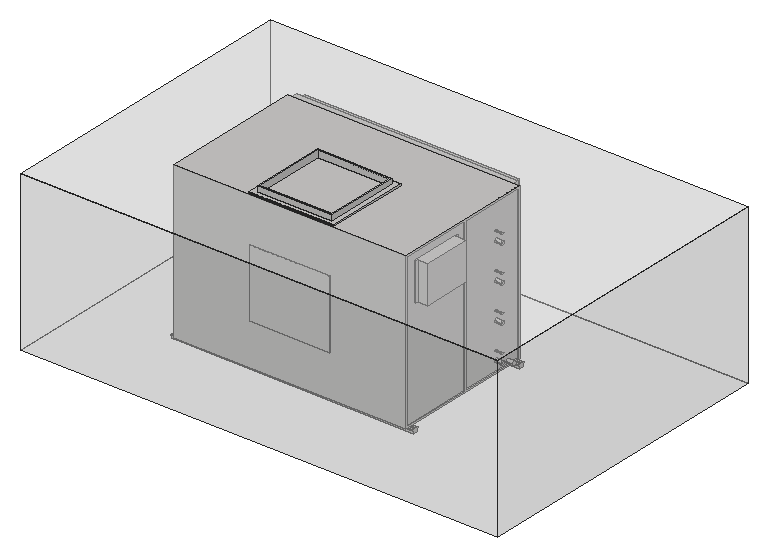
Revit family "outputfile", category 機械設備, Revit 2024
Family settings
  丸型コネクタ寸法 = 半径を使用
  パーツ タイプ = 標準
  OmniClass 番号 = 23.75.10.24.21.27.27
  OmniClass タイトル = Split System Air Conditioning Units
  作業面ベース = いいえ
  常に垂直 = はい
  ロード時にボイドで切り取り = いいえ
  注釈の向きを維持 = いいえ
  共有 = いいえ
  部屋計算ポイント = はい
Parameters (values of type "4FGN500HTL")
  Description = ""
  書き出し IFC クラス(タイプ) = "IfcUnitaryEquipmentType"
  定義済み IFC タイプ(タイプ) = "AIRCONDITIONINGUNIT"
  Cost = 0
  Type Comments = ""
  Keynote = ""
  Type Image = (empty or 0)
  Assembly Code = ""
  switch_frequency = yes
  lw_power = 1126.5 mm
  lw_frontpanel = 754 mm
  lw_box_front = 1067 mm
  lw_box = 117 mm
  lw_SA = 0 mm
  lw_RA = 1057 mm
  lw_Pipe = if([400-500], 20 mm, 0 mm)  # 20 mm
  lh_liquidpipe_4 = 216 mm
  lh_liquidpipe_3 = 552 mm
  lh_liquidpipe_2 = 888 mm
  lh_height_SA = 698 mm
  lh_ld_mountinghole_height = 35 mm
  lh_height_RA = 1326 mm
  lh_hangerfixture = 35 mm
  lh_gaspipe_4 = 136 mm
  lh_gaspipe_3 = 472 mm
  lh_gaspipe_2 = 808 mm
  lh_frontpanel_bottom = 429 mm
  lh_frontpanel = 642 mm
  lh_box_top = 90 mm
  lh_box = 351 mm
  lh_SA = 1546 mm
  lh_RA = 788 mm
  ld_void = 680 mm
  ld_frontpanel = 0 mm
  ld_depth_SA = 409 mm
  ld_depth_RA = 130 mm
  ld_box_left = 114 mm
  ld_box = 490 mm
  frontpanel_right = 377 mm
  connector_voltage = Voltage_60Hz  # 220 V
  connector_powerinput = [Power Input (Cooling)]  # 53.690 kW
  connector_phase = Phase_60Hz  # 3
  製造元 = "Daikin"
  モデル = "4FGN500HTL"
  w_pipe = 33 mm
  r_Liquid Pipe Size = Liquid Pipe Size / 2  # 6.35 mm
  r_Gas Pipe Size = Gas Pipe Size / 2  # 14.3 mm
  r_Drain Pipe Size = Drain Pipe Size / 2  # 17.0 mm
  lw_powersupply = lw_power  # 1126.5 mm
  lw_width_RA = 2004 mm
  lw_width_SA = 694 mm
  lh_suctionflange [instance] = 100 mm
  ld_suctionflange [instance] = 190 mm
  ld_powersupply = 359 mm
  Voltage_comment_60Hz = "220"
  Voltage_60Hz = 220 V
  URL = ""
  Sound Power Level_H speed (dB) = 0
  Phase_60Hz = 3
  Minimum External Static Pressure = 0.00 Pa
  Minimum Circuit Amps_60Hz = 0.0 A
  Maximum Fuse Amps_60Hz = 0.0 A
  Maximum External Static Pressure = 250.00 Pa
  Material_Casing = DAIKIN_GalvanizedSteel_Casing_indoorunit
  lw_liquidpipe = 1137 mm
  lw_gaspipe = 1137 mm
  lw_mountinghole_pitch = 2234 mm
  lw_mountinghole = 2274 mm
  lw_drainpipe = 1137 mm
  lh_powersupply = 1045 mm
  lh_liquidpipe = 1224 mm
  lh_gaspipe = 1144 mm
  lh_mountinghole = 5 mm
  lh_drainpipe = 73 mm
  lh_antena = Height - lh_mountinghole + 1 mm  # 1482 mm
  ld_liquidpipe = 404 mm
  ld_gaspipe = 404 mm
  ld_mountinghole_pitch = 1240 mm
  ld_drainpipe = 539 mm
  ld_controlbox = 626 mm
  h*** = 0 mm  # constant formula
  d_dischargeflange = 60 mm
  Width = 2174 mm
  Version = "ver.1.0"
  Unit Type = "Duct"
  Unit Mass Weight = 580.00 kg
  Unit Designation [instance] = ""
  Uniclass2015Version = "Products v1.30"
  Uniclass2015Title = "Split coil room air conditioning units"
  Uniclass2015Code = "Pr_70_65_03_86"
  Total Cooling Capacity [instance] = 0.000 kW
  Sound Pressure Level_M speed (dBA) = 0
  Sound Pressure Level_L speed (dBA) = 0
  Sound Pressure Level_H speed (dBA) = 68
  Series = "Package Aircon_Fan Coil Unit"
  Sensible Cooling Capacity [instance] = 0.000 kW
  SA Duct Size Width = 694 mm
  SA Duct Size Height = 698 mm
  Refrigerant Type = "R410A"
  RA Duct Size Width = 2004 mm
  RA Duct Size Height = 1326 mm
  Power Input (Cooling) = 53.690 kW
  Option Accessory 3 [instance] = ""
  Option Accessory 2 [instance] = ""
  Option Accessory 1 [instance] = ""
  Nominal Cooling Capacity = 141.852 kW
  Minimum Airflow = 0.00 m³/h
  Median Airflow = 0.00 m³/h
  Maximum Airflow = 25485.00 m³/h
  Load Classification = HVAC
  Liquid Pipe Size = 12.7 mm
  Link_Nested Family [instance] = ""
  IfcVersion = ""
  IfcExportType = "AIRCONDITIONINGUNIT"
  IfcExportAs = "IfcUnitaryEquipmentType"
  Height = 1486 mm
  Heat Exchanger Type = "Cross Fin Coil"
  Gas Pipe Size = 28.6 mm
  Frequency_60Hz = 60 Hz
  Fan Type = "Sirocco Fan"
  Fan Drive = "-"
  FCU Tag No. [instance] = ""
  Drain Pipe Size = 34.0 mm
  Design Supply Airflow [instance] = 0.00 m³/h
  Design Return Airflow [instance] = 0.00 m³/h
  Design External Static Pressure [instance] = 0.00 Pa
  Depth = 1336 mm
  既定の高さ = 0 mm
  Cooling Entering Wet Bulb Temperature [instance] = 0.00 °C
  Cooling Entering Dry Bulb Temperature [instance] = 0.00 °C
  Cooling Ambient Wet Bulb Temperature [instance] = 0.00 °C
  Cooling Ambient Dry Bulb Temperature [instance] = 0.00 °C
  Clearance visibility [instance] = yes
  Clearance Top = 0 mm
  Clearance Right = 1500 mm
  Clearance Rear = 800 mm
  Clearance Left = 800 mm
  Clearance Front = 800 mm
  Clearance Bottom = 0 mm
  600 = no
  400-500 = yes
Reference planes
  plane 1 "Center (Front/Back)": y = 0
  plane 2: z = 0
  plane 3 "Center (Left/Right)": x = 0
  plane 4 "Back": y = 668
  plane 5 "Front": y = -668
  plane 6 "Left": x = -1087
  plane 7 "Right": x = 1087
  plane 8 "Top": z = 0
  plane 9 "Bottom": z = -1486
  plane 10: z = -262
  plane 11: z = -342
  plane 12: x = -1117
  plane 13: x = 1117
  plane 14: x = 1137
  plane 15: x = 1137
  plane 16: z = -1481
  plane 17 "Clearance Left": x = -1887
  plane 18 "Clearance Right": x = 2587
  plane 19 "Clearance Rear": y = 1468
  plane 20 "Clearance Front": y = -1468
  plane 21 "Clearance Bottom": z = -1486
  plane 22: z = -1413
  plane 23 "ld_gas": y = 404
  plane 24: y = 404
  plane 25: y = -30
  plane 26: y = 539
  plane 27: y = 478
  plane 28: x = 1137
  plane 29: y = 620
  plane 30: y = -620
  plane 31: y = -259
  plane 32: y = 798
  plane 33 "Clearance Top": z = 0
  plane 34: z = -441
  plane 35: y = -309
  plane 36 "hangerfixture": z = -1451
  plane 37 "lh_SA": z = 60
  plane 38 "lh_RA": z = -698
  plane 39 "RA_center": x = -30
  plane 40: y = -658
  plane 41: y = 22
  plane 42: y = 658
  plane 43: z = -10
  plane 44: z = -1441
  plane 45: y = 32
  plane 46: y = -658
  plane 47: y = 22
  plane 48: y = 658
  plane 49: z = -10
  plane 50: z = -1441
  plane 51: y = 32
  plane 52: x = 1087
  plane 53: x = 1184
  plane 54: y = -554
  plane 55: y = -534
  plane 56: y = -84
  plane 57: y = -64
  plane 58 "box_bottom": z = -441
  plane 59 "box_top": z = -90
  plane 60: x = -377
  plane 61: x = 377
  plane 62: y = -668
  plane 63: y = -669
  plane 64 "lw_power": x = 1126.5
  plane 65: z = -598
  plane 66: z = -678
  plane 67: z = -934
  plane 68: z = -1014
  plane 69: x = 1067
  plane 70: x = -1067
  plane 71: z = -1057
  plane 72: z = -415
  plane 73: z = -1270
  plane 74: z = -1350
  plane 75: x = 1067
  plane 76 "v": x = 0
  plane 77: x = 1067
  plane 78: x = 1088
Forms (mm)
  Extrusion 1, solid, material "DAIKIN_GalvanizedSteel_Casing_indoorunit" <- "Material_Casing"
    sketch origin (0, -0.8, 0) x (1, 0, 0) y (0, 1, 0)
      loop
        line (-1087, -667.2) -> (1087, -667.2) -> (1087, 668.8) -> (-1087, 668.8) -> (-1087, -667.2)
    from -1451 to 0
  Revolve 2, solid, material "DAIKIN_GalvanizedSteel_Casing_indoorunit" <- "Material_Casing"
    sketch origin (0, 0, -342) x (0, -1, 0) y (1, 0, 0)
      loop
        line (-389.7, 1067) -> (-389.7, 1137) -> (-404, 1137) -> (-404, 1067) -> (-389.7, 1067)
      axis (-404, 1067) -> (-404, 1137)
    angle from 0 to 360
  Revolve 3, solid, material "DAIKIN_GalvanizedSteel_Casing_indoorunit" <- "Material_Casing"
    sketch origin (0, 0, -262) x (0, -1, 0) y (1, 0, 0)
      loop
        line (-404, 1067) -> (-404, 1137) -> (-410.35, 1137) -> (-410.35, 1067) -> (-404, 1067)
      axis (-404, 1137) -> (-404, 1067)
    angle from 0 to 360
  Extrusion 4, solid, material "DAIKIN_GalvanizedSteel_Casing_indoorunit" <- "Material_Casing"
    sketch origin (0, 0, 0) x (0, 1, 0) y (0, 0, 1)
      loop
        circle (539, -1413) r 17
    from 1137 to 1067
  Extrusion 5, void
    sketch origin (1087, 0, 0) x (0, 1, 0) y (0, 0, 1)
      loop
        line (-658, -10) -> (-658, -1441) -> (22, -1441) -> (22, -10) -> (-658, -10)
      loop
        line (658, -10) -> (32, -10) -> (32, -1441) -> (658, -1441) -> (658, -10)
    from 0 to -20
  Extrusion 6, void
    sketch origin (-1087, 0, 0) x (0, 1, 0) y (0, 0, 1)
      loop
        line (-658, -10) -> (-658, -1441) -> (22, -1441) -> (22, -10) -> (-658, -10)
      loop
        line (658, -10) -> (32, -10) -> (32, -1441) -> (658, -1441) -> (658, -10)
    from 0 to 20
  Extrusion 7, solid, material "DAIKIN_GalvanizedSteel_Casing_indoorunit" <- "Material_Casing"
    sketch origin (0, 0, 0) x (1, 0, 0) y (0, 1, 0)
      loop
        line (1067, -554) -> (1087, -554) -> (1087, -534) -> (1184, -534) -> (1184, -84) -> (1087, -84) -> (1087, -64) -> (1067, -64) -> (1067, -554)
    from -441 to -90
  Extrusion 8, solid, material "DAIKIN_GalvanizedSteel_Casing_indoorunit" <- "Material_Casing"
    sketch origin (0, 0, -1486) x (-1, 0, 0) y (0, -1, 0)
      loop
        line (377, 669) -> (-377, 669) -> (-377, 668) -> (377, 668) -> (377, 669)
    from 429 to 1071
  Revolve 9, solid, material "DAIKIN_GalvanizedSteel_Casing_indoorunit" <- "Material_Casing"
    sketch origin (0, 0, -678) x (0, -1, 0) y (1, 0, 0)
      loop
        line (-389.7, 1067) -> (-389.7, 1137) -> (-404, 1137) -> (-404, 1067) -> (-389.7, 1067)
      axis (-404, 1067) -> (-404, 1137)
    angle from 0 to 360
  Revolve 10, solid, material "DAIKIN_GalvanizedSteel_Casing_indoorunit" <- "Material_Casing"
    sketch origin (0, 0, -598) x (0, -1, 0) y (1, 0, 0)
      loop
        line (-404, 1067) -> (-404, 1137) -> (-410.35, 1137) -> (-410.35, 1067) -> (-404, 1067)
      axis (-404, 1137) -> (-404, 1067)
    angle from 0 to 360
  Revolve 11, solid, material "DAIKIN_GalvanizedSteel_Casing_indoorunit" <- "Material_Casing"
    sketch origin (0, 0, -1014) x (0, -1, 0) y (1, 0, 0)
      loop
        line (-389.7, 1067) -> (-389.7, 1137) -> (-404, 1137) -> (-404, 1067) -> (-389.7, 1067)
      axis (-404, 1067) -> (-404, 1137)
    angle from 0 to 360
  Revolve 12, solid, material "DAIKIN_GalvanizedSteel_Casing_indoorunit" <- "Material_Casing"
    sketch origin (0, 0, -934) x (0, -1, 0) y (1, 0, 0)
      loop
        line (-404, 1067) -> (-404, 1137) -> (-410.35, 1137) -> (-410.35, 1067) -> (-404, 1067)
      axis (-404, 1137) -> (-404, 1067)
    angle from 0 to 360
  Revolve 13, solid, material "DAIKIN_GalvanizedSteel_Casing_indoorunit" <- "Material_Casing"
    sketch origin (0, 0, -1350) x (0, -1, 0) y (1, 0, 0)
      loop
        line (-389.7, 1067) -> (-389.7, 1137) -> (-404, 1137) -> (-404, 1067) -> (-389.7, 1067)
      axis (-404, 1067) -> (-404, 1137)
    angle from 0 to 360
  Revolve 14, solid, material "DAIKIN_GalvanizedSteel_Casing_indoorunit" <- "Material_Casing"
    sketch origin (0, 25, -1270) x (0, -1, 0) y (1, 0, 0)
      loop
        line (-379, 1067) -> (-379, 1137) -> (-385.35, 1137) -> (-385.35, 1067) -> (-379, 1067)
      axis (-379, 1137) -> (-379, 1067)
    angle from 0 to 360
  Extrusion 15, solid, material "DAIKIN_GalvanizedSteel_Casing_indoorunit" <- "Material_Casing", visible <- "600"
    sketch origin (0, 0, 0) x (0, 1, 0) y (0, 0, 1)
      loop
        line (18, -1431) -> (18, -20) -> (-2, -20) -> (-2, -1431) -> (18, -1431)
    from 1087 to 1088
  Extrusion 16, solid, material "DAIKIN_GalvanizedSteel_Casing_indoorunit" <- "Material_Casing", visible <- "600"
    sketch origin (0, 0, 0) x (0, 1, 0) y (0, 0, 1)
      loop
        line (-643, -600) -> (-25, -600) -> (-25, -577.7) -> (-643, -577.7) -> (-643, -600)
    from 1087 to 1088
Cuts and joins
  Extrusion 5, Extrusion 6 cuts Extrusion 1
  Extrusion 6 cuts Revolve 2
  Extrusion 6 cuts Revolve 3
  Extrusion 6 cuts Extrusion 4
Dimensions and locks
  equal spacing: plane 12, plane 3 "Center (Left/Right)", plane 13
  "lw_mountinghole_pitch": plane 12 to plane 13
  "lh_liquidpipe": plane 10 to plane 9 "Bottom"
  "lh_gaspipe": plane 11 to plane 9 "Bottom"
  equal spacing: plane 6 "Left", plane 3 "Center (Left/Right)", plane 7 "Right"
  "Width": plane 6 "Left" to plane 7 "Right"
  "Clearance Right": plane 7 "Right" to plane 18 "Clearance Right"
  "Clearance Left": plane 17 "Clearance Left" to plane 6 "Left"
  "Clearance Rear": plane 19 "Clearance Rear" to plane 4 "Back"
  "Clearance Front": plane 5 "Front" to plane 20 "Clearance Front"
  "Depth": plane 4 "Back" to plane 5 "Front"
  equal spacing: plane 4 "Back", plane 1 "Center (Front/Back)", plane 5 "Front"
  "ld_suctionflange": plane 4 "Back" to plane 27
  "r_Liquid Pipe Size": nested 5 to Revolve 3 sketch curve
  equal spacing: plane 29, plane 1 "Center (Front/Back)", plane 30
  "ld_mountinghole_pitch": plane 29 to plane 30
  "lw_liquidpipe": plane 3 "Center (Left/Right)" to plane 14
  "lw_gaspipe": plane 3 "Center (Left/Right)" to plane 15
  "lw_drainpipe": plane 3 "Center (Left/Right)" to plane 28
  "lh_drainpipe": plane 22 to plane 9 "Bottom"
  "Clearance Top": plane 33 "Clearance Top" to plane 8 "Top"
  "Clearance Bottom": plane 9 "Bottom" to plane 21 "Clearance Bottom"
  "lh_powersupply": plane 34 to plane 9 "Bottom"
  plane 8 "Top" to level = 0 mm
  "lh_hangerfixture": plane 36 "hangerfixture" to plane 9 "Bottom"
  "lh_SA": plane 37 "lh_SA" to plane 9 "Bottom"
  "ld_depth_RA": plane 32 to plane 4 "Back"
  "lh_RA": plane 38 "lh_RA" to plane 9 "Bottom"
  "lw_RA": plane 6 "Left" to plane 39 "RA_center"
  locked: plane 36 "hangerfixture" to plane 44 at 10
  plane 5 "Front" to plane 40 = 10 mm
  locked: plane 8 "Top" to plane 43 at 10
  plane 42 to plane 4 "Back" = 10 mm
  "ld_void": plane 40 to plane 41
  "ld_void": plane 46 to plane 47
  plane 5 "Front" to plane 46 = 10 mm
  plane 48 to plane 4 "Back" = 10 mm
  locked: plane 8 "Top" to plane 49 at 10
  locked: plane 50 to plane 36 "hangerfixture" at 10
  "ld_box_left": plane 54 to plane 5 "Front"
  "ld_box": plane 57 to plane 54
  locked: plane 55 to plane 54 at 20
  locked: plane 57 to plane 56 at 20
  locked: plane 75 to plane 52 at 20
  "lh_box_top": plane 8 "Top" to plane 59 "box_top"
  "lh_box": plane 59 "box_top" to plane 58 "box_bottom"
  "lw_power": plane 3 "Center (Left/Right)" to plane 64 "lw_power"
  "lh_gaspipe_2": plane 66 to plane 9 "Bottom"
  "lh_liquidpipe_2": plane 65 to plane 9 "Bottom"
  "ld_drainpipe": plane 26 to plane 1 "Center (Front/Back)"
  "ld_gaspipe": plane 23 "ld_gas" to plane 1 "Center (Front/Back)"
  "r_Gas Pipe Size": plane 23 "ld_gas" to Revolve 9 sketch curve
  "r_Gas Pipe Size": plane 23 "ld_gas" to Revolve 2 sketch curve
  "r_Liquid Pipe Size": Revolve 10 sketch curve to plane 24
  "ld_liquidpipe": plane 24 to plane 1 "Center (Front/Back)"
  "ld_depth_SA": plane 31 to plane 5 "Front"
  "Height": plane 8 "Top" to plane 9 "Bottom"
  "lh_mountinghole": plane 16 to plane 9 "Bottom"
  "lh_gaspipe_3": plane 68 to plane 9 "Bottom"
  "lh_liquidpipe_3": plane 67 to plane 9 "Bottom"
  "lw_box": plane 75 to plane 53
  "lw_Pipe": plane 69 to plane 7 "Right"
  locked: plane 6 "Left" to plane 70 at 20
  "lh_frontpanel_bottom": plane 71 to plane 9 "Bottom"
  "lh_frontpanel": plane 72 to plane 71
  "r_Gas Pipe Size": plane 24 to Revolve 11 sketch curve
  "r_Liquid Pipe Size": Revolve 12 sketch curve to plane 24
  "lw_frontpanel": plane 60 to plane 61
  plane 5 "Front" to plane 63 = 1 mm
  "ld_frontpanel": plane 5 "Front" to plane 62
  locked: plane 41 to plane 45 at 10
  locked: plane 47 to plane 51 at 10
  "lh_gaspipe_4": plane 74 to plane 9 "Bottom"
  "lh_liquidpipe_4": plane 73 to plane 9 "Bottom"
  "r_Gas Pipe Size": Revolve 13 sketch curve to nested 15
  "r_Liquid Pipe Size": nested 5 to Revolve 14 sketch curve
  "lw_box_front": plane 3 "Center (Left/Right)" to plane 75
  "lw_SA": plane 76 "v" to plane 3 "Center (Left/Right)"
  locked: plane 77 to plane 7 "Right" at 20
  "ld_powersupply": plane 35 to plane 5 "Front"
  plane 60 to plane 3 "Center (Left/Right)" = 377 mm
  "frontpanel_right": plane 3 "Center (Left/Right)" to plane 61
  locked: plane 8 "Top" to Extrusion 15 sketch curve at 20
  locked: Extrusion 15 sketch curve to plane 9 "Bottom" at 55
  Extrusion 15 sketch curve to plane 1 "Center (Front/Back)" to Extrusion 15 sketch curve = 2 mm locked, 18 mm locked
  locked: plane 7 "Right" to plane 78 at 1
  locked: Extrusion 16 sketch curve to plane 1 "Center (Front/Back)" at 25
  locked: plane 5 "Front" to Extrusion 16 sketch curve at 25
  locked: Extrusion 16 sketch curve to Extrusion 16 sketch curve at 22.3
  locked: plane 9 "Bottom" to Extrusion 16 sketch curve at 886
  "r_Drain Pipe Size": radius of Extrusion 4 sketch curve
  aligned and locked: level to plane 2
  aligned and locked: plane 8 "Top" to Extrusion 1
  aligned and locked: Revolve 2 sketch curve to Revolve 2 sketch curve
  aligned and locked: plane 14 to nested 5
  aligned and locked: nested 5 to plane 10
  aligned and locked: nested 2 to plane 13
  aligned and locked: nested 3 to plane 12
  aligned and locked: plane 12 to nested 4
  aligned and locked: nested 6 to plane 11
  aligned and locked: plane 23 "ld_gas" to nested 6
  aligned and locked: plane 24 to nested 5
  aligned and locked: Extrusion 4 sketch curve to plane 26
  aligned and locked: nested 10 to plane 19 "Clearance Rear"
  aligned and locked: nested 10 to plane 18 "Clearance Right"
  aligned and locked: nested 10 to plane 17 "Clearance Left"
  aligned and locked: nested 10 to plane 20 "Clearance Front"
  aligned and locked: plane 28 to Extrusion 4
  aligned and locked: plane 15 to nested 6  (x2)
  aligned and locked: plane 13 to nested 1
  aligned and locked: plane 26 to nested 7
  aligned and locked: nested 7 to plane 22
  aligned and locked: nested 7 to plane 28
  aligned and locked: plane 29 to nested 1
  aligned and locked: plane 30 to nested 2
  aligned and locked: nested 4 to plane 29
  aligned and locked: nested 3 to plane 30
  aligned and locked: nested 9 to plane 4 "Back"
  aligned and locked: plane 32 to nested 13
  aligned and locked: nested 10 to plane 33 "Clearance Top"
  aligned and locked: nested 10 to plane 21 "Clearance Bottom"
  aligned and locked: nested 11 to plane 9 "Bottom"
  aligned and locked: plane 36 "hangerfixture" to Extrusion 1
  aligned and locked: Extrusion 1 to plane 5 "Front"
  aligned and locked: Extrusion 1 to plane 4 "Back"
  aligned and locked: plane 38 "lh_RA" to nested 9
  aligned and locked: nested 13 to plane 38 "lh_RA"
  aligned and locked: plane 39 "RA_center" to nested 9
  aligned and locked: nested 13 to plane 39 "RA_center"
  aligned and locked: Extrusion 5 sketch curve to plane 43
  aligned and locked: Extrusion 5 sketch curve to plane 40
  aligned and locked: plane 44 to Extrusion 5 sketch curve
  aligned and locked: Extrusion 5 sketch curve to plane 41
  aligned and locked: plane 43 to Extrusion 5 sketch curve
  aligned and locked: Extrusion 5 sketch curve to plane 42
  aligned and locked: Extrusion 5 sketch curve to plane 44
  aligned and locked: Extrusion 5 sketch curve to plane 45
  aligned and locked: Extrusion 6 sketch curve to plane 49
  aligned and locked: Extrusion 6 sketch curve to plane 46
  aligned and locked: plane 50 to Extrusion 6 sketch curve
  aligned and locked: Extrusion 6 sketch curve to plane 47
  aligned and locked: plane 49 to Extrusion 6 sketch curve
  aligned and locked: Extrusion 6 sketch curve to plane 48
  aligned and locked: Extrusion 6 sketch curve to plane 50
  aligned and locked: Extrusion 6 sketch curve to plane 51
  aligned and locked: plane 57 to Extrusion 7 sketch curve
  aligned and locked: plane 53 to Extrusion 7 sketch curve
  aligned and locked: Extrusion 7 sketch curve to plane 54
  aligned and locked: plane 59 "box_top" to Extrusion 7
  aligned and locked: Extrusion 7 to plane 58 "box_bottom"
  aligned and locked: Extrusion 8 sketch curve to plane 63
  aligned and locked: Extrusion 8 sketch curve to plane 60
  aligned and locked: plane 62 to Extrusion 8 sketch curve
  aligned and locked: plane 61 to Extrusion 8 sketch curve
  aligned and locked: Revolve 9 sketch curve to Revolve 9 sketch curve
  aligned and locked: nested 15 to plane 65
  aligned and locked: nested 16 to plane 66
  aligned and locked: plane 14 to Revolve 10
  aligned and locked: nested 15 to plane 14
  aligned and locked: plane 15 to cut or joined group of Revolve 2, Extrusion 6  (x3)
  aligned and locked: cut or joined group of Revolve 2, Extrusion 6 to plane 15
  aligned and locked: nested 14 to plane 35
  aligned and locked: Revolve 2 sketch curve to plane 23 "ld_gas"
  aligned and locked: plane 23 "ld_gas" to nested 16
  aligned and locked: plane 24 to nested 15
  aligned and locked: plane 37 "lh_SA" to nested 12
  aligned and locked: plane 37 "lh_SA" to nested 8
  aligned and locked: plane 31 to nested 12
  aligned and locked: plane 31 to nested 8
  aligned and locked: plane 52 to Extrusion 7 sketch curve
  aligned and locked: Extrusion 7 sketch curve to plane 55
  aligned and locked: Extrusion 7 sketch curve to plane 56
  aligned and locked: Extrusion 7 sketch curve to plane 52
  aligned and locked: nested 14 to plane 64 "lw_power"
  aligned and locked: nested 14 to plane 34
  aligned and locked: Revolve 11 sketch curve to Revolve 11 sketch curve
  aligned and locked: nested 17 to plane 67
  aligned and locked: nested 18 to plane 68
  aligned and locked: plane 24 to nested 17
  aligned and locked: plane 23 "ld_gas" to nested 18
  aligned and locked: Extrusion 8 to plane 71
  aligned and locked: plane 72 to Extrusion 8
  aligned and locked: Revolve 13 sketch curve to Revolve 13 sketch curve
  aligned and locked: nested 19 to plane 73
  aligned and locked: nested 20 to plane 74
  aligned and locked: plane 69 to Revolve 14
  aligned and locked: Revolve 13 to plane 69
  aligned and locked: Revolve 14 sketch curve to nested 18
  aligned and locked: Revolve 14 sketch curve to nested 5
  aligned and locked: plane 24 to nested 19
  aligned and locked: plane 24 to nested 20
  aligned and locked: Extrusion 7 sketch curve to plane 75
  aligned and locked: plane 1 "Center (Front/Back)" to nested 21
  aligned and locked: plane 3 "Center (Left/Right)" to nested 21
  aligned and locked: nested 21 to plane 9 "Bottom"
  aligned and locked: plane 76 "v" to nested 12
  aligned and locked: nested 12 to nested 8
  aligned and locked: Extrusion 5 to plane 77
  aligned and locked: plane 69 to Revolve 11
  aligned and locked: cut or joined group of Revolve 3, Extrusion 6 to plane 69
  aligned and locked: plane 69 to cut or joined group of Revolve 2, Extrusion 6
  aligned and locked: plane 69 to Revolve 9
  aligned and locked: Revolve 12 to plane 69
  aligned and locked: Revolve 10 to plane 69
  aligned and locked: cut or joined group of Extrusion 4, Extrusion 6 to plane 69
  aligned and locked: Extrusion 15 to plane 7 "Right"
  aligned and locked: plane 78 to Extrusion 15
  aligned and locked: Extrusion 16 to plane 7 "Right"
  aligned and locked: Extrusion 16 to plane 78
Automatic sketch dimensions
  Extrusion 1 sketch curve to plane 4 "Back" = 0 mm
  Extrusion 1 sketch curve to plane 6 "Left" = 0 mm
  Extrusion 1 sketch curve to plane 5 "Front" = 0 mm
  Extrusion 1 sketch curve to plane 7 "Right" = 0 mm
  Revolve 3 sketch curve to plane 23 "ld_gas" = 0 mm  (x2)
  Revolve 3 sketch curve to plane 14 = 0 mm  (x2)
  plane 69 to Revolve 3 sketch curve = 0 mm
  plane 7 "Right" to Revolve 3 sketch curve = 15 mm
  Extrusion 4 sketch curve to plane 22 = 0 mm
  Revolve 10 sketch curve to plane 23 "ld_gas" = 0 mm  (x2)
  Revolve 10 sketch curve to plane 14 = 0 mm  (x2)
  plane 69 to Revolve 10 sketch curve = 0 mm
  plane 7 "Right" to Revolve 10 sketch curve = 15 mm
  Revolve 12 sketch curve to plane 23 "ld_gas" = 0 mm  (x2)
  Revolve 12 sketch curve to plane 14 = 0 mm  (x2)
  plane 69 to Revolve 12 sketch curve = 0 mm
  plane 7 "Right" to Revolve 12 sketch curve = 15 mm
  plane 69 to Revolve 14 sketch curve = 0 mm
  Revolve 14 sketch curve to plane 14 = 0 mm  (x2)
  plane 7 "Right" to Revolve 14 sketch curve = 15 mm
  Revolve 2 sketch curve to plane 69 = 0 mm
  Revolve 2 sketch curve to plane 14 = 0 mm
  plane 78 to Revolve 2 sketch curve = 1.003 mm
  plane 14 to Revolve 2 sketch curve = 1.003 mm
  Revolve 9 sketch curve to plane 23 "ld_gas" = 0 mm
  Revolve 9 sketch curve to plane 69 = 0 mm
  Revolve 9 sketch curve to plane 14 = 0 mm
  plane 78 to Revolve 9 sketch curve = 1.003 mm
  plane 14 to Revolve 9 sketch curve = 1.003 mm
  Revolve 11 sketch curve to plane 23 "ld_gas" = 0 mm
  Revolve 11 sketch curve to plane 69 = 0 mm
  Revolve 11 sketch curve to plane 14 = 0 mm
  plane 78 to Revolve 11 sketch curve = 1.003 mm
  plane 14 to Revolve 11 sketch curve = 1.003 mm
  Revolve 13 sketch curve to plane 23 "ld_gas" = 0 mm
  Revolve 13 sketch curve to plane 69 = 0 mm
  Revolve 13 sketch curve to plane 14 = 0 mm
  plane 78 to Revolve 13 sketch curve = 1.003 mm
  plane 14 to Revolve 13 sketch curve = 1.003 mm
Nested families
  nested 1: "daikin_mountinghole" at (1117, 620, -1486), Link_Nested Family <- "Link_Nested Family", h_mountinghole <- "lh_mountinghole", l_antenna <- "lh_antena", type "daikin_mountinghole"
    with show yes, l_antenna 1482 mm, h_mountinghole 5 mm, Link_Nested Family "", d_circle 23 mm
  nested 2: "daikin_mountinghole" at (1117, -620, -1486), Link_Nested Family <- "Link_Nested Family", h_mountinghole <- "lh_mountinghole", l_antenna <- "lh_antena", type "daikin_mountinghole"
    with show yes, l_antenna 1482 mm, h_mountinghole 5 mm, Link_Nested Family "", d_circle 23 mm
  nested 3: "daikin_mountinghole" at (-1117, -620, -1486), Link_Nested Family <- "Link_Nested Family", h_mountinghole <- "lh_mountinghole", l_antenna <- "lh_antena", type "daikin_mountinghole"
    with show yes, l_antenna 1482 mm, h_mountinghole 5 mm, Link_Nested Family "", d_circle 23 mm
  nested 4: "daikin_mountinghole" at (-1117, 620, -1486), Link_Nested Family <- "Link_Nested Family", h_mountinghole <- "lh_mountinghole", l_antenna <- "lh_antena", type "daikin_mountinghole"
    with show yes, l_antenna 1482 mm, h_mountinghole 5 mm, Link_Nested Family "", d_circle 23 mm
  nested 5: "daikin_connector_rotate2" at (0, 404, -262) x (0, 1, 0) z (0, 0, 1), length <- "lw_liquidpipe", built-in parameter 1001364 <- "lh_liquidpipe", radius <- "r_Liquid Pipe Size", type "daikin_connector_rotate2"
    with radius 6.35 mm, length 1137 mm, angle_vertical 90.00°
  nested 6: "daikin_connector_rotate2" at (0, 404, -342) x (0, 1, 0) z (0, 0, 1), length <- "lw_gaspipe", built-in parameter 1001364 <- "lh_gaspipe", radius <- "r_Gas Pipe Size", type "daikin_connector_rotate2"
    with radius 14.3 mm, length 1137 mm, angle_vertical 90.00°
  nested 7: "daikin_connector_rotate2" at (0, 539, -1413) x (0, 1, 0) z (0, 0, 1), built-in parameter 1001364 <- "lh_drainpipe", length <- "lw_drainpipe", radius <- "r_Drain Pipe Size", type "daikin_connector_rotate2"
    with radius 17 mm, length 1137 mm, angle_vertical 90.00°
  nested 8: "daikin_connector_rotate2" at (0, -259, 0) x (1, 0, 0) z (0, 1, 0), length <- "d_dischargeflange", type "daikin_connector_rotate2"
    with radius 10 mm, length 60 mm, angle_vertical 90.00°
  nested 9: "daikin_ductflange_4FGN-HTL" at (-30, 668, -698), material <- "Material_Casing", width <- "lw_width_RA", height <- "lh_height_RA", depth <- "ld_depth_RA", type "daikin_ductflange_4FGN-HTL"
    with x 35 mm, width 2004 mm, material DAIKIN_GalvanizedSteel_Casing_indoorunit, height 1326 mm, depth 130 mm
  nested 10: "daikin_clearancespace" at (350, 0, -742.881), visible <- "Clearance visibility", show <- "Clearance visibility", Link_Nested Family <- "Link_Nested Family", type "daikin_clearancespace"
    with width 4474 mm, show yes, height 1486 mm, depth 2936 mm, Link_Nested Family ""
  nested 11: "daikin_hangerfixture_4FGN-HTL" at (0, 0, -1486), visible <- "400-500", type "daikin_hangerfixture_4FGN-HTL"
    with width 2234 mm, depth 1240 mm, G 2274 mm
  nested 12: "daikin_ductflange_4FGN-HTL_1" at (0, -448.401, 0) x (1, 0, 0) z (0, 1, 0), width <- "lw_width_SA", material <- "Material_Casing", height <- "lh_height_SA", depth <- "d_dischargeflange", type "daikin_ductflange_4FGN-HTL_1"
    with width 694 mm, t 10 mm, material DAIKIN_GalvanizedSteel_Casing_indoorunit, height 698 mm, depth 60 mm
  nested 13: "daikin_connector_rotate2" at (-30, 668, -698) x (-1, 0, 0) z (0, 0, 1), length <- "ld_depth_RA", type "daikin_connector_rotate2"
    with radius 10 mm, length 130 mm, angle_vertical 90.00°
  nested 14: "daikin_connector_rotate2" at (1126.5, -309, -90) x (0, 1, 0) z (1, 0, 0), length <- "lh_box", type "daikin_connector_rotate2"
    with radius 10 mm, length 351 mm, angle_vertical 90.00°
  nested 15: "daikin_connector_rotate2" at (0, 404, -598) x (0, 1, 0) z (0, 0, 1), length <- "lw_liquidpipe", built-in parameter 1001364 <- "lh_liquidpipe", radius <- "r_Liquid Pipe Size", type "daikin_connector_rotate2"
    with radius 6.35 mm, length 1137 mm, angle_vertical 90.00°
  nested 16: "daikin_connector_rotate2" at (0, 404, -678) x (0, 1, 0) z (0, 0, 1), length <- "lw_gaspipe", built-in parameter 1001364 <- "lh_gaspipe", radius <- "r_Gas Pipe Size", type "daikin_connector_rotate2"
    with radius 14.3 mm, length 1137 mm, angle_vertical 90.00°
  nested 17: "daikin_connector_rotate2" at (0, 404, -934) x (0, 1, 0) z (0, 0, 1), length <- "lw_liquidpipe", built-in parameter 1001364 <- "lh_liquidpipe", radius <- "r_Liquid Pipe Size", type "daikin_connector_rotate2"
    with radius 6.35 mm, length 1137 mm, angle_vertical 90.00°
  nested 18: "daikin_connector_rotate2" at (0, 404, -1014) x (0, 1, 0) z (0, 0, 1), length <- "lw_gaspipe", built-in parameter 1001364 <- "lh_gaspipe", radius <- "r_Gas Pipe Size", type "daikin_connector_rotate2"
    with radius 14.3 mm, length 1137 mm, angle_vertical 90.00°
  nested 19: "daikin_connector_rotate2" at (0, 404, -1270) x (0, 1, 0) z (0, 0, 1), length <- "lw_liquidpipe", built-in parameter 1001364 <- "lh_liquidpipe", radius <- "r_Liquid Pipe Size", type "daikin_connector_rotate2"
    with radius 6.35 mm, length 1137 mm, angle_vertical 90.00°
  nested 20: "daikin_connector_rotate2" at (0, 404, -1350) x (0, 1, 0) z (0, 0, 1), length <- "lw_gaspipe", built-in parameter 1001364 <- "lh_gaspipe", radius <- "r_Gas Pipe Size", type "daikin_connector_rotate2"
    with radius 14.3 mm, length 1137 mm, angle_vertical 90.00°
  nested 21: "daikin_hangerfixture_4FGN-HTL_2" at (0, 0, -1486), visible <- "600", type "daikin_hangerfixture_4FGN-HTL"
    with depth 1240 mm
Connectors
  piping at (1137, 404, -342), diameter 28.6, driven by "r_Gas Pipe Size"
    settings: on nested 6, index 1, connector inside diameter 609.6 mm, connector length 0 mm, flow factor 0, pipe flow 0.00 m³/h, pressure drop 0.0 Pa, fitting loss kfactor 0, connector angle 0.00°, fixture units 0, engagement length 0 mm, angle of deflection 0.00°, flow configuration 1, flow direction 2, fitting loss method 0, system type 29, joint type 0, gender type 0, connector reference index -1, connector utility 0, adjustable connector no, is connector primary yes, connector description "Refrigerant Gas Piping"
  piping at (1137, 404, -262), diameter 12.7, driven by "r_Liquid Pipe Size"
    settings: on nested 5, index 2, connector inside diameter 609.6 mm, connector length 0 mm, flow factor 0, pipe flow 0.00 m³/h, pressure drop 0.0 Pa, fitting loss kfactor 0, connector angle 0.00°, fixture units 0, engagement length 0 mm, angle of deflection 0.00°, flow configuration 1, flow direction 1, fitting loss method 0, system type 29, joint type 0, gender type 0, connector reference index -1, connector utility 0, adjustable connector no, is connector primary no, connector description "Refrigerant Liquid Piping"
  piping at (1137, 539, -1413), diameter 34, driven by "r_Drain Pipe Size"
    settings: on nested 7, index 3, connector inside diameter 609.6 mm, connector length 0 mm, flow factor 0, pipe flow 0.00 m³/h, pressure drop 0.0 Pa, fitting loss kfactor 0, connector angle 0.00°, fixture units 0, engagement length 0 mm, angle of deflection 0.00°, flow configuration 1, flow direction 2, fitting loss method 4, system type 16, joint type 0, gender type 0, connector reference index -1, connector utility 0, adjustable connector no, is connector primary no, connector description "Condensate Drain Piping"
  hvac at (0, -259, 60), driven by "SA Duct Size Height", driven by "SA Duct Size Width"
    settings: on nested 8, index 7, duct flow 0.00 m³/h, flow factor 0, pres drop 0.00 Pa, loss coef 0, conn angle 0.00°, conn width 694.0 mm, conn height 698.0 mm, conn diameter 609.6 mm, duct sys type 1, conn prof type 1, flow config 0, flow direction 2, loss method 4, conn ref index -1, conn util no, is conn primary yes, conn desc "SA Duct"
  hvac at (-30, 798, -698), driven by "RA Duct Size Width", driven by "RA Duct Size Height"
    settings: on nested 13, index 8, duct flow 0.00 m³/h, flow factor 0, pres drop 0.00 Pa, loss coef 0, conn angle 0.00°, conn width 2004.0 mm, conn height 1326.0 mm, conn diameter 609.6 mm, duct sys type 2, conn prof type 1, flow config 0, flow direction 1, loss method 4, conn ref index -1, conn util no, is conn primary no, conn desc "RA Duct"
  electrical at (1126.5, -309, -441), driven by "Load Classification", driven by "connector_phase", driven by "connector_powerinput", driven by "connector_voltage"
    settings: on nested 14, index 9, voltage 220 V, apparent load 53690 VA, apparent load phase1 0 VA, apparent load phase2 0 VA, apparent load phase3 0 VA, power factor 1, load classification "HVAC", number of poles 3, system type 30, power factor state 1, is connector primary yes, connector utility no, sub classification motor no, connector description "Power Supply"
  piping at (1137, 404, -678), diameter 28.6, driven by "r_Gas Pipe Size"
    settings: on nested 16, index 10, connector inside diameter 609.6 mm, connector length 0 mm, flow factor 0, pipe flow 0.00 m³/h, pressure drop 0.0 Pa, fitting loss kfactor 0, connector angle 0.00°, fixture units 0, engagement length 0 mm, angle of deflection 0.00°, flow configuration 1, flow direction 2, fitting loss method 0, system type 29, joint type 0, gender type 0, connector reference index -1, connector utility 0, adjustable connector no, is connector primary no, connector description "Refrigerant Gas Piping"
  piping at (1137, 404, -598), diameter 12.7, driven by "r_Liquid Pipe Size"
    settings: on nested 15, index 11, connector inside diameter 609.6 mm, connector length 0 mm, flow factor 0, pipe flow 0.00 m³/h, pressure drop 0.0 Pa, fitting loss kfactor 0, connector angle 0.00°, fixture units 0, engagement length 0 mm, angle of deflection 0.00°, flow configuration 1, flow direction 1, fitting loss method 0, system type 29, joint type 0, gender type 0, connector reference index -1, connector utility 0, adjustable connector no, is connector primary no, connector description "Refrigerant Liquid Piping"
  piping at (1137, 404, -1014), diameter 28.6, driven by "r_Gas Pipe Size"
    settings: on nested 18, index 12, connector inside diameter 609.6 mm, connector length 0 mm, flow factor 0, pipe flow 0.00 m³/h, pressure drop 0.0 Pa, fitting loss kfactor 0, connector angle 0.00°, fixture units 0, engagement length 0 mm, angle of deflection 0.00°, flow configuration 1, flow direction 2, fitting loss method 0, system type 29, joint type 0, gender type 0, connector reference index -1, connector utility 0, adjustable connector no, is connector primary no, connector description "Refrigerant Gas Piping"
  piping at (1137, 404, -934), diameter 12.7, driven by "r_Liquid Pipe Size"
    settings: on nested 17, index 13, connector inside diameter 609.6 mm, connector length 0 mm, flow factor 0, pipe flow 0.00 m³/h, pressure drop 0.0 Pa, fitting loss kfactor 0, connector angle 0.00°, fixture units 0, engagement length 0 mm, angle of deflection 0.00°, flow configuration 1, flow direction 1, fitting loss method 0, system type 29, joint type 0, gender type 0, connector reference index -1, connector utility 0, adjustable connector no, is connector primary no, connector description "Refrigerant Liquid Piping"
  piping at (1137, 404, -1350), diameter 28.6, driven by "r_Gas Pipe Size"
    settings: on nested 20, index 14, connector inside diameter 609.6 mm, connector length 0 mm, flow factor 0, pipe flow 0.00 m³/h, pressure drop 0.0 Pa, fitting loss kfactor 0, connector angle 0.00°, fixture units 0, engagement length 0 mm, angle of deflection 0.00°, flow configuration 1, flow direction 2, fitting loss method 0, system type 29, joint type 0, gender type 0, connector reference index -1, connector utility 0, adjustable connector no, is connector primary no, connector description "Refrigerant Gas Piping"
  piping at (1137, 404, -1270), diameter 12.7, driven by "r_Liquid Pipe Size"
    settings: on nested 19, index 15, connector inside diameter 609.6 mm, connector length 0 mm, flow factor 0, pipe flow 0.00 m³/h, pressure drop 0.0 Pa, fitting loss kfactor 0, connector angle 0.00°, fixture units 0, engagement length 0 mm, angle of deflection 0.00°, flow configuration 1, flow direction 1, fitting loss method 0, system type 29, joint type 0, gender type 0, connector reference index -1, connector utility 0, adjustable connector no, is connector primary no, connector description "Refrigerant Liquid Piping"
Definition of nested family "daikin_ductflange_4FGN-HTL"
  Parameters (values of type "daikin_ductflange_4FGN-HTL")
    x [instance] = if([400-500], 35 mm, 18.5 mm)  # 35 mm
    width [instance] = 1636 mm
    t1 = if([400-500], 80 mm, 90 mm)  # 80 mm
    material [instance] = none
    height [instance] = 747 mm
    depth [instance] = 130 mm
    b = if([400-500], 6.5 mm, 20 mm)  # 6.5 mm
    a = if([400-500], 20 mm, 18.5 mm)  # 20 mm
    Default Elevation = 0 mm
    600 = no
    400-500 = yes
  Reference planes
    plane 1 "Center (Front/Back)": y = 0
    plane 2: z = 0
    plane 3 "Center (Left/Right)": x = 0
    plane 4: x = -818
    plane 5: x = 818
    plane 6: z = 373.5
    plane 7: z = -373.5
    plane 8: y = 80
    plane 9: y = 130
    plane 10: x = -813
    plane 11: x = 813
    plane 12: z = -368.5
    plane 13: z = 368.5
    plane 14: x = -853
    plane 15: x = 853
    plane 16: z = 393.5
    plane 17: z = -380
  Forms (mm)
    Extrusion 1, solid, material <- "material"
      sketch origin (0, 0, 0) x (1, 0, 0) y (0, 0, 1)
        loop
          line (-853, 393.5) -> (-853, -380) -> (853, -380) -> (853, 393.5) -> (-853, 393.5)
        loop
          line (-813, 368.5) -> (-813, -368.5) -> (813, -368.5) -> (813, 368.5) -> (-813, 368.5)
      from 0 to -80
    Extrusion 2, solid, material <- "material"
      sketch origin (0, 0, 0) x (1, 0, 0) y (0, 0, 1)
        loop
          line (-818, 373.5) -> (-818, -373.5) -> (818, -373.5) -> (818, 373.5) -> (-818, 373.5)
        loop
          line (813, 368.5) -> (-813, 368.5) -> (-813, -368.5) -> (813, -368.5) -> (813, 368.5)
      from -130 to -80
  Cuts and joins
    joined: Extrusion 1, Extrusion 2
  Dimensions and locks
    equal spacing: plane 5, plane 3 "Center (Left/Right)", plane 4
    "width": plane 5 to plane 4
    equal spacing: plane 6, level, plane 7
    "height": plane 6 to plane 7
    "t1": plane 1 "Center (Front/Back)" to plane 8
    "depth": plane 1 "Center (Front/Back)" to plane 9
    plane 6 to plane 13 = 5 mm
    plane 12 to plane 7 = 5 mm
    plane 5 to plane 11 = 5 mm
    plane 10 to plane 4 = 5 mm
    "x": plane 4 to plane 14
    "x": plane 15 to plane 5
    "a": plane 16 to plane 6
    "b": plane 7 to plane 17
    aligned and locked: level to plane 2
    aligned and locked: Extrusion 1 to plane 8
    aligned and locked: plane 1 "Center (Front/Back)" to Extrusion 1
    aligned and locked: Extrusion 2 to plane 9
    aligned and locked: Extrusion 2 to Extrusion 1
    aligned and locked: plane 13 to Extrusion 2 sketch curve
    aligned and locked: plane 11 to Extrusion 2 sketch curve
    aligned and locked: Extrusion 2 sketch curve to plane 12
    aligned and locked: Extrusion 2 sketch curve to plane 10
    aligned and locked: Extrusion 1 sketch curve to plane 16
    aligned and locked: plane 14 to Extrusion 1 sketch curve
    aligned and locked: plane 17 to Extrusion 1 sketch curve
    aligned and locked: Extrusion 1 sketch curve to plane 15
  Automatic sketch dimensions
    Extrusion 2 sketch curve to plane 4 = 0 mm
    Extrusion 2 sketch curve to plane 5 = 0 mm
    Extrusion 2 sketch curve to plane 7 = 0 mm
    Extrusion 2 sketch curve to plane 6 = 0 mm
    plane 4 to Extrusion 1 sketch curve = 5 mm
    Extrusion 1 sketch curve to plane 5 = 5 mm
    plane 7 to Extrusion 1 sketch curve = 5 mm
    Extrusion 1 sketch curve to plane 6 = 5 mm
Definition of nested family "daikin_clearancespace"
  Parameters (values of type "daikin_clearancespace")
    Description = "daikin_clearancespace"
    width [instance] = 1823.963 mm
    show [instance] = yes
    material = none
    height [instance] = 1359.762 mm
    depth [instance] = 880 mm
    Default Elevation = 0 mm
    Link_Nested Family [instance] = ""
  Reference planes
    plane 1 "Center (Front/Back)": y = 0
    plane 2 "Center (Elevation)": z = -0.119
    plane 3 "Center (Left/Right)": x = 0
    plane 4: y = 440
    plane 5: y = -440
    plane 6 "Right": x = 911.982
    plane 7 "Left": x = -911.982
    plane 8 "Top": z = 679.762
    plane 9 "Bottom": z = -680
  Forms (mm)
    Extrusion 1, solid, material <- "material", visible <- "show"
      sketch origin (0, 0, 0) x (1, 0, 0) y (0, 1, 0)
        loop
          line (-911.982, 440) -> (-911.982, -440) -> (911.982, -440) -> (911.982, 440) -> (-911.982, 440)
      from -680 to 679.762
  Lines and regions (mm)
    symbolic lines, visible <- "show"
      curve 1: line (911.982, 440, 0) -> (-911.982, 440, 0)
      curve 2: line (-911.982, 440, 0) -> (-911.982, -440, 0)
      curve 3: line (-911.982, -440, 0) -> (911.982, -440, 0)
      curve 4: line (911.982, -440, 0) -> (911.982, 440, 0)
      curve 5: line (911.982, 0, 679.762) -> (-911.982, 0, 679.762)
      curve 6: line (911.982, 0, -680) -> (911.982, 0, 679.762)
      curve 7: line (-911.982, 0, -680) -> (911.982, 0, -680)
      curve 8: line (-911.982, 0, 679.762) -> (-911.982, 0, -680)
      curve 9: line (0, 440, 679.762) -> (0, -440, 679.762)
      curve 10: line (0, -440, 679.762) -> (0, -440, -680)
      curve 11: line (0, 440, -680) -> (0, 440, 679.762)
      curve 12: line (0, -440, -680) -> (0, 440, -680)
  Dimensions and locks
    "width": plane 7 "Left" to plane 6 "Right"
    "depth": plane 4 to plane 5
    "height": plane 8 "Top" to plane 9 "Bottom"
    equal spacing: plane 7 "Left", plane 3 "Center (Left/Right)", plane 6 "Right"
    equal spacing: plane 4, plane 1 "Center (Front/Back)", plane 5
    equal spacing: plane 8 "Top", plane 2 "Center (Elevation)", plane 9 "Bottom"
    aligned and locked: level to plane 2 "Center (Elevation)"
    aligned and locked: Extrusion 1 sketch curve to plane 4
    aligned and locked: plane 7 "Left" to Extrusion 1 sketch curve
    aligned and locked: Extrusion 1 sketch curve to plane 5
    aligned and locked: Extrusion 1 sketch curve to plane 6 "Right"
    aligned and locked: plane 8 "Top" to Extrusion 1
    aligned and locked: curve 1 to Extrusion 1
    aligned and locked: curve 2 to Extrusion 1
    aligned and locked: curve 3 to Extrusion 1
    aligned and locked: curve 4 to Extrusion 1
    aligned and locked: curve 5 to Extrusion 1
    aligned and locked: curve 6 to Extrusion 1
    aligned and locked: curve 7 to Extrusion 1
    aligned and locked: curve 8 to Extrusion 1
    aligned and locked: curve 9 to Extrusion 1
    aligned and locked: curve 10 to Extrusion 1
    aligned and locked: curve 11 to Extrusion 1
    aligned and locked: curve 12 to Extrusion 1
    aligned and locked: Extrusion 1 to plane 9 "Bottom"
Definition of nested family "daikin_hangerfixture_4FGN-HTL"
  Parameters (values of type "daikin_hangerfixture_2FGN-HTL")
    width = 1826 mm
    material = none
    height = 35 mm
    e = 40 mm
    depth = 974 mm
    Default Elevation = 0 mm
    G = 1866 mm
    E = 50 mm
  Reference planes
    plane 1 "Center (Front/Back)": y = 0
    plane 2: z = 0
    plane 3 "Center (Left/Right)": x = 0
    plane 4: x = 913
    plane 5: x = -913
    plane 6: z = 35
    plane 7: y = 487
    plane 8: y = -487
    plane 9: x = -933
    plane 10: x = 933
    plane 11: y = 527
    plane 12: y = -527
  Forms (mm)
    Extrusion 1, solid
      sketch origin (0, 0, 0) x (0, 1, 0) y (0, 0, 1)
        loop
          line (-499.93, 0) -> (-474.07, 0) -> (-474.07, 30) -> (-463.449, 30) -> (-463.449, 35) -> (-479.07, 35) -> (-479.07, 5) -> (-494.93, 5) -> (-494.93, 35) -> (-512.86, 35) -> (-512.86, 30) -> (-499.93, 30) -> (-499.93, 0)
        loop
          line (499.93, 0) -> (499.93, 30) -> (512.86, 30) -> (512.86, 35) -> (494.93, 35) -> (494.93, 5) -> (479.07, 5) -> (479.07, 35) -> (463.449, 35) -> (463.449, 30) -> (474.07, 30) -> (474.07, 0) -> (499.93, 0)
      from -933 to 933
    Extrusion 2, void
      sketch origin (0, 0, 0) x (1, 0, 0) y (0, 1, 0)
        loop
          circle (-913, 487) r 7.5
        loop
          circle (-913, -487) r 7.5
        loop
          circle (913, -487) r 7.5
        loop
          circle (913, 487) r 7.5
      from 0 to 9
  Cuts and joins
    Extrusion 2 cuts Extrusion 1
  Dimensions and locks
    "width": plane 5 to plane 4
    equal spacing: plane 5, plane 3 "Center (Left/Right)", plane 4
    "depth": plane 8 to plane 7
    equal spacing: plane 8, plane 1 "Center (Front/Back)", plane 7
    "height": plane 6 to level
    "e": plane 7 to plane 11
    "e": plane 12 to plane 8
    equal spacing: plane 9, plane 3 "Center (Left/Right)", plane 10
    "G": plane 9 to plane 10
    Extrusion 1 sketch curve to Extrusion 1 sketch curve to Extrusion 1 sketch curve to plane 8 to Extrusion 1 sketch curve to Extrusion 1 sketch curve to Extrusion 1 sketch curve = 12.93 mm locked, 5 mm locked, 7.93 mm locked, 7.93 mm locked, 5 mm locked, 10.621 mm locked
    Extrusion 1 sketch curve to Extrusion 1 sketch curve to Extrusion 1 sketch curve to plane 7 to Extrusion 1 sketch curve to Extrusion 1 sketch curve to Extrusion 1 sketch curve = 10.621 mm locked, 5 mm locked, 7.93 mm locked, 7.93 mm locked, 5 mm locked, 12.93 mm locked
    aligned and locked: level to plane 2
    aligned and locked: Extrusion 1 to plane 9
    aligned and locked: plane 10 to Extrusion 1
    aligned and locked: plane 7 to Extrusion 2 sketch curve  (x2)
    aligned and locked: plane 5 to Extrusion 2 sketch curve  (x2)
    aligned and locked: plane 8 to Extrusion 2 sketch curve  (x2)
    aligned and locked: plane 4 to Extrusion 2 sketch curve  (x2)
  Automatic sketch dimensions
    Extrusion 1 sketch curve to plane 6 = 0 mm  (x4)
    Extrusion 1 sketch curve to level = 0 mm  (x2)
    Extrusion 1 sketch curve to plane 6 = 5 mm  (x3)
    level to Extrusion 1 sketch curve = 5 mm  (x2)
    Extrusion 1 sketch curve to Extrusion 1 sketch curve = 5 mm
    radius of Extrusion 2 sketch curve = 7.5 mm  (x4)
Definition of nested family "daikin_ductflange_4FGN-HTL_1"
  Parameters (values of type "daikin_ductflange_4FGN-HTL_1")
    width [instance] = 474 mm
    t4 = if([400-500], 10 mm, 1.5 mm)  # 10 mm
    t3 = if([400-500], 40 mm, 30 mm)  # 40 mm
    t2 = if([400-500], 50 mm, 30 mm)  # 50 mm
    t [instance] = if([400-500], 10 mm, 1 mm)  # 10 mm
    material [instance] = none
    height [instance] = 408 mm
    depth [instance] = 60 mm
    Default Elevation = 0 mm
    600 = no
    400-500 = yes
  Reference planes
    plane 1 "Center (Front/Back)": y = 0
    plane 2: z = 189.401
    plane 3 "Center (Left/Right)": x = 0
    plane 4: y = 0
    plane 5: y = -60
    plane 6: y = -10
    plane 7: z = 393.401
    plane 8: z = -14.599
    plane 9: x = -227
    plane 10: x = 227
    plane 11: x = -237
    plane 12: x = 237
    plane 13: z = 383.401
    plane 14: z = -4.599
    plane 15: x = -287
    plane 16: z = 433.401
    plane 17: z = -54.599
    plane 18: x = 287
  Forms (mm)
    Extrusion 1, solid, material <- "material"
      sketch origin (0, 0, 0) x (1, 0, 0) y (0, 0, 1)
        loop
          line (-237, 393.401) -> (-237, -14.599) -> (237, -14.599) -> (237, 393.401) -> (-237, 393.401)
        loop
          line (-227, 383.401) -> (-227, -4.599) -> (227, -4.599) -> (227, 383.401) -> (-227, 383.401)
      from 10 to 60
    Extrusion 2, solid, material <- "material"
      sketch origin (0, 0, 0) x (1, 0, 0) y (0, 0, 1)
        loop
          line (-287, 433.401) -> (-287, -54.599) -> (287, -54.599) -> (287, 433.401) -> (-287, 433.401)
        loop
          line (-227, 383.401) -> (-227, -4.599) -> (227, -4.599) -> (227, 383.401) -> (-227, 383.401)
      from 0 to 10
  Cuts and joins
    joined: Extrusion 1, Extrusion 2
  Dimensions and locks
    plane 4 to plane 1 "Center (Front/Back)" = 0 mm
    "depth": plane 5 to plane 4
    plane 6 to plane 4 = 10 mm
    equal spacing: plane 7, level, plane 8
    "height": plane 7 to plane 8
    equal spacing: plane 10, plane 3 "Center (Left/Right)", plane 9
    "t": plane 9 to plane 11
    "t": plane 12 to plane 10
    "t": plane 7 to plane 13
    "t": plane 14 to plane 8
    "t2": plane 11 to plane 15
    "t2": plane 18 to plane 12
    "t3": plane 16 to plane 7
    "t3": plane 8 to plane 17
    "width": plane 12 to plane 11
    "t4": plane 1 "Center (Front/Back)" to plane 6
    aligned and locked: level to plane 2
    aligned and locked: Extrusion 1 sketch curve to plane 7
    aligned and locked: plane 11 to Extrusion 1 sketch curve
    aligned and locked: plane 8 to Extrusion 1 sketch curve
    aligned and locked: Extrusion 1 sketch curve to plane 12
    aligned and locked: Extrusion 1 sketch curve to plane 13
    aligned and locked: plane 9 to Extrusion 1 sketch curve
    aligned and locked: plane 14 to Extrusion 1 sketch curve
    aligned and locked: Extrusion 1 sketch curve to plane 10
    aligned and locked: plane 6 to Extrusion 1
    aligned and locked: Extrusion 1 to plane 5
    aligned and locked: Extrusion 2 sketch curve to plane 16
    aligned and locked: plane 15 to Extrusion 2 sketch curve
    aligned and locked: plane 17 to Extrusion 2 sketch curve
    aligned and locked: Extrusion 2 sketch curve to plane 18
    aligned and locked: Extrusion 2 sketch curve to Extrusion 1  (x4)
    aligned and locked: Extrusion 2 to plane 1 "Center (Front/Back)"
    aligned and locked: Extrusion 2 to plane 6
  Automatic sketch dimensions
    Extrusion 2 sketch curve to plane 15 = 0 mm
Definition of nested family "daikin_hangerfixture_4FGN-HTL_2"
  Parameters (values of type "daikin_hangerfixture_4FGN-HTL")
    width = 2234 mm
    material = none
    height = 35 mm
    e = 48 mm
    depth = 1679 mm
    Default Elevation = 0 mm
    G = 2274 mm
    E = 50 mm
  Reference planes
    plane 1 "Center (Front/Back)": y = 0
    plane 2: z = 0
    plane 3 "Center (Left/Right)": x = 0
    plane 4: x = 1117
    plane 5: x = -1117
    plane 6: z = 35
    plane 7: y = 839.5
    plane 8: y = -839.5
    plane 9: x = -1137
    plane 10: x = 1137
    plane 11: y = 887.5
    plane 12: y = -887.5
  Forms (mm)
    Extrusion 1, solid
      sketch origin (0, 0, 0) x (0, 1, 0) y (0, 0, 1)
        loop
          line (-864.5, 0) -> (-814.5, 0) -> (-814.5, 32.7) -> (-801.8, 32.7) -> (-801.8, 35) -> (-816.8, 35) -> (-816.8, 2.3) -> (-862.2, 2.3) -> (-862.2, 35) -> (-877.2, 35) -> (-877.2, 32.7) -> (-864.5, 32.7) -> (-864.5, 0)
        loop
          line (814.5, 0) -> (864.5, 0) -> (864.5, 32.7) -> (877.2, 32.7) -> (877.2, 35) -> (862.2, 35) -> (862.2, 2.3) -> (816.8, 2.3) -> (816.8, 35) -> (801.8, 35) -> (801.8, 32.7) -> (814.5, 32.7) -> (814.5, 0)
      from -1137 to 1137
    Extrusion 2, void
      sketch origin (0, 0, 0) x (1, 0, 0) y (0, 1, 0)
        loop
          circle (-1117, 839.5) r 7.5
        loop
          circle (-1117, -839.5) r 7.5
        loop
          circle (1117, -839.5) r 7.5
        loop
          circle (1117, 839.5) r 7.5
      from 0 to 2.3
  Cuts and joins
    Extrusion 2 cuts Extrusion 1
  Dimensions and locks
    "width": plane 5 to plane 4
    equal spacing: plane 5, plane 3 "Center (Left/Right)", plane 4
    "depth": plane 8 to plane 7
    equal spacing: plane 8, plane 1 "Center (Front/Back)", plane 7
    "height": plane 6 to level
    "e": plane 7 to plane 11
    "e": plane 12 to plane 8
    equal spacing: plane 9, plane 3 "Center (Left/Right)", plane 10
    "G": plane 9 to plane 10
    locked: Extrusion 1 sketch curve to Extrusion 1 sketch curve at 15  (x3)
    locked: Extrusion 1 sketch curve to Extrusion 1 sketch curve at 2.3  (x9)
    locked: plane 2 to Extrusion 1 sketch curve at 2.3
    equal spacing: Extrusion 1 sketch curve, plane 8, Extrusion 1 sketch curve
    locked: Extrusion 1 sketch curve to Extrusion 1 sketch curve at 75.4  (x2)
    equal spacing: Extrusion 1 sketch curve, plane 7, Extrusion 1 sketch curve
    aligned and locked: level to plane 2
    aligned and locked: Extrusion 1 to plane 9
    aligned and locked: plane 10 to Extrusion 1
    aligned and locked: plane 7 to Extrusion 2 sketch curve  (x2)
    aligned and locked: plane 5 to Extrusion 2 sketch curve  (x2)
    aligned and locked: plane 8 to Extrusion 2 sketch curve  (x2)
    aligned and locked: plane 4 to Extrusion 2 sketch curve  (x2)
    aligned and locked: Extrusion 1 sketch curve to plane 6  (x2)
    aligned and locked: plane 6 to Extrusion 1 sketch curve  (x2)
    aligned and locked: Extrusion 1 sketch curve to plane 2  (x2)
    aligned and locked: Extrusion 1 to Extrusion 2
  Automatic sketch dimensions
    Extrusion 1 sketch curve to plane 8 = 37.7 mm
    radius of Extrusion 2 sketch curve = 7.5 mm  (x4)
Definition of nested family "daikin_mountinghole"
  Parameters (values of type "daikin_mountinghole")
    Default Elevation = 1219.2 mm
    Type Comments = "mountinghole"
    show [instance] = yes
    material = none
    l_centerline = 100 mm
    l_antenna [instance] = 100 mm
    h_mountinghole [instance] = 0 mm
    d_circle = 30 mm
    Link_Nested Family [instance] = ""
  Reference planes
    plane 1 "Center (Front/Back)": y = 0
    plane 2: z = 0
    plane 3 "Center (Left/Right)": x = 0
    plane 4: y = 50
    plane 5: x = -50
    plane 6: x = 50
    plane 7: y = -50
    plane 8 "h_mountinghole": z = 0
    plane 9: z = 100
  Lines and regions (mm)
    model lines, detail levels fine
      curve 1: circle (0, 0, 0) r 15 normal (0, 0, 1)
      curve 2: line (-50, 0, 0) -> (50, 0, 0)
      curve 3: line (0, 50, 0) -> (0, -50, 0)
    symbolic lines, detail levels fine
      curve 4: circle (0, 0, 0) r 15 normal (0, 0, 1)
      curve 5: line (-50, 0, 0) -> (50, 0, 0)
      curve 6: line (0, 50, 0) -> (0, -50, 0)
    model lines
      curve 7: line (0, 0, 100) -> (0, 0, 0)
  Dimensions and locks
    equal spacing: plane 4, plane 1 "Center (Front/Back)", plane 7
    "l_centerline": plane 4 to plane 7
    equal spacing: plane 5, plane 3 "Center (Left/Right)", plane 6
    "l_centerline": plane 5 to plane 6
    "l_antenna": plane 9 to plane 8 "h_mountinghole"
    "h_mountinghole": plane 8 "h_mountinghole" to plane 2
    "d_circle": diameter of curve 1
    "d_circle": diameter of curve 4
    aligned and locked: level to plane 2
    aligned and locked: plane 1 "Center (Front/Back)" to curve 1
    aligned and locked: plane 3 "Center (Left/Right)" to curve 1
    aligned and locked: plane 1 "Center (Front/Back)" to curve 2
    aligned and locked: curve 3 to plane 3 "Center (Left/Right)"
    aligned and locked: plane 6 to curve 2
    aligned and locked: plane 5 to curve 2
    aligned and locked: plane 4 to curve 3
    aligned and locked: plane 7 to curve 3
    aligned and locked: plane 1 "Center (Front/Back)" to curve 4
    aligned and locked: plane 3 "Center (Left/Right)" to curve 4
    aligned and locked: plane 6 to curve 5
    aligned and locked: plane 5 to curve 5
    aligned and locked: plane 1 "Center (Front/Back)" to curve 5
    aligned and locked: plane 4 to curve 6
    aligned and locked: plane 7 to curve 6
    aligned and locked: curve 6 to plane 3 "Center (Left/Right)"
    aligned and locked: curve 7 to plane 3 "Center (Left/Right)"
    aligned and locked: plane 9 to curve 7
    aligned and locked: plane 8 "h_mountinghole" to curve 7
Definition of nested family "daikin_connector_rotate2"
  Parameters (values of type "daikin_connector_rotate2")
    show_face = no
    radius [instance] = 10 mm
    length [instance] = 600 mm
    d_surface = 10 mm
    angle_vertical [instance] = 90.00°
    Default Elevation = 0 mm
  Reference planes
    plane 1 "Center (Front/Back)": y = 0
    plane 2: z = 0
    plane 3 "Center (Left/Right)": x = 0
  Forms (mm)
    Extrusion 1, solid, visible <- "show_face"
      sketch origin (0, -600, 0) x (1, 0, 0) y (0, 0, 1)
        loop
          circle (0, 0) r 10
      from 0 to -10
  Lines and regions (mm)
    reference lines
      curve 1: line (0, 0, 0) -> (0, -600, 0)
    symbolic lines
      curve 2: circle (0, 0, 0) r 5 normal (0, 0, 1)
    model lines, visible <- "show_face"
      curve 3: line (0, 0, 0) -> (0, -600, 0)
  Dimensions and locks
    "length": curve 1 to curve 1
    "length": curve 3 to curve 3
    "d_surface": Extrusion 1 to Extrusion 1
    "radius": radius of Extrusion 1 sketch curve
    "angle_vertical": angle curve 1 to plane 1 "Center (Front/Back)"
    "angle_vertical": angle curve 3 to plane 1 "Center (Front/Back)"
    aligned and locked: level to plane 2
    aligned and locked: plane 1 "Center (Front/Back)" to curve 1
    aligned and locked: plane 2 to curve 1
    aligned and locked: plane 1 "Center (Front/Back)" to curve 2
    aligned and locked: plane 3 "Center (Left/Right)" to curve 2
    aligned and locked: plane 1 "Center (Front/Back)" to curve 3
    aligned and locked: plane 2 to curve 3
    aligned and locked: Extrusion 1 to Extrusion 1
  Automatic sketch dimensions
    Extrusion 1 sketch curve to level = 0 mm
    Extrusion 1 sketch curve to plane 3 "Center (Left/Right)" = 0 mm
    radius of curve 2 = 5 mm
